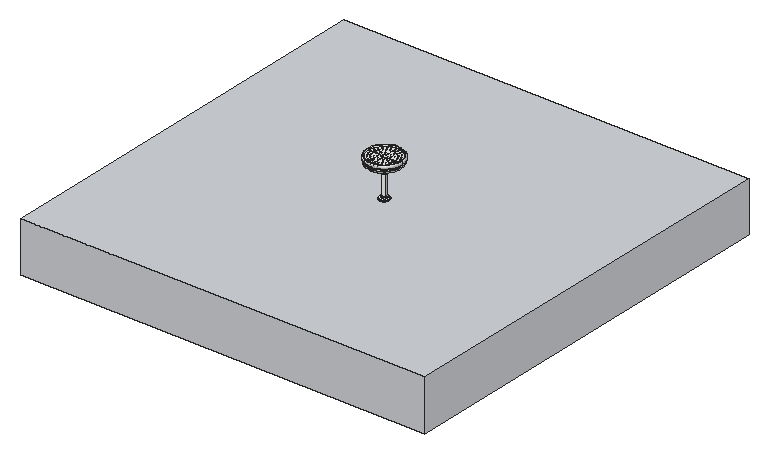
Revit family (continued)
Definition of nested family "13692-Base"
  Automatic sketch dimensions
    curve 122 to curve 119 = 0' - 0.6483"
    curve 121 to curve 122 = 0' - 0.07254"
    curve 123 to curve 124 = 0' - 0"
    plane 1 "Center (Front/Back)" to curve 123 = 0' - 0"
    plane 1 "Center (Front/Back)" to curve 124 = 0' - 0"  (x2)
    curve 123 to curve 121 = 0' - 0.65143"
    curve 123 to curve 124 = 0' - 0.07254"
    curve 125 to curve 126 = 0' - 0"
    plane 1 "Center (Front/Back)" to curve 125 = 0' - 0"  (x2)
    curve 125 to curve 123 = 0' - 0.64959"
    plane 1 "Center (Front/Back)" to curve 126 = 0' - 0"
    curve 125 to curve 126 = 0' - 0.07254"
    curve 127 to curve 121 = 0' - 0.08862"
    curve 127 to curve 127 = 0' - 0.07254"
    curve 128 to plane 1 "Center (Front/Back)" = 0' - 0.67299"
    curve 127 to curve 130 = 0' - 0.48111"
    curve 129 to curve 130 = 0' - 0.07254"
    curve 130 to curve 127 = 0' - 0.16783"
    curve 132 to plane 3 "Center (Left/Right)" = 0' - 0.48834"
    curve 131 to curve 131 = 0' - 0.07254"
    curve 131 to plane 1 "Center (Front/Back)" = 0' - 0.32383"
    curve 132 to curve 134 = 0' - 0.41875"
    curve 133 to curve 133 = 0' - 0.07254"
    curve 134 to curve 132 = 0' - 0.32553"
    curve 134 to curve 135 = 0' - 0.41748"
    curve 135 to curve 135 = 0' - 0.07254"
    curve 136 to curve 134 = 0' - 0.3248"
    curve 136 to curve 137 = 0' - 0.41907"
    curve 137 to curve 138 = 0' - 0.07254"
    curve 138 to curve 136 = 0' - 0.32571"
    curve 138 to curve 140 = 0' - 0.41636"
    curve 139 to curve 139 = 0' - 0.07254"
    curve 140 to curve 138 = 0' - 0.32415"
    curve 142 to curve 137 = 0' - 0.41315"
    curve 141 to curve 142 = 0' - 0.07254"
    curve 142 to curve 137 = 0' - 0.53842"
    curve 141 to curve 143 = 0' - 0.31333"
    curve 143 to curve 144 = 0' - 0.07254"
    curve 144 to curve 141 = 0' - 0.45842"
    curve 146 to curve 144 = 0' - 0.67158"
    curve 145 to curve 146 = 0' - 0.07254"
    curve 146 to curve 144 = 0' - 0.51553"
    curve 147 to curve 145 = 0' - 0.32437"
    curve 147 to curve 147 = 0' - 0.07254"
    curve 145 to curve 148 = 0' - 0.56131"
    curve 149 to curve 148 = 0' - 0.32594"
    curve 149 to curve 150 = 0' - 0.07254"
    curve 148 to curve 150 = 0' - 0.56402"
    curve 7 to curve 152 = 0' - 0.50472"
    curve 151 to curve 151 = 0' - 0.07254"
    curve 7 to curve 151 = 0' - 0.17425"
    curve 3 to curve 153 = 0' - 0.5281"
    curve 153 to curve 154 = 0' - 0.07254"
    curve 3 to curve 154 = 0' - 0.08867"
    curve 153 to curve 156 = 0' - 0.02278"
    curve 155 to curve 155 = 0' - 0.07254"
    curve 156 to curve 153 = 0' - 0.62619"
    plane 1 "Center (Front/Back)" to curve 158 = 0' - 0"
    curve 157 to plane 3 "Center (Left/Right)" = 0' - 0"
    curve 157 to plane 8 "Right" = 0' - 0.36817"
    curve 157 to curve 159 = 0' - 0"  (x2)
    curve 160 to curve 157 = 0' - 0.03415"
    curve 157 to curve 161 = 0' - 0"  (x2)
    curve 162 to curve 159 = 0' - 0.14419"
    Masking region 3 sketch curve to plane 5 "Bottom" = 0' - 0"
    Masking region 3 sketch curve to level = 0' - 0"
    Masking region 3 sketch curve to plane 3 "Center (Left/Right)" = 0' - 0"  (x2)
    Masking region 3 sketch curve to plane 3 "Center (Left/Right)" = 0' - 0.08489"
    Masking region 3 sketch curve to plane 3 "Center (Left/Right)" = 0' - 0.25382"
    Masking region 3 sketch curve to plane 3 "Center (Left/Right)" = 0' - 0.33168"
    Masking region 3 sketch curve to Masking region 3 sketch curve = 0' - 0.01568"  (x2)
    Masking region 3 sketch curve to Masking region 3 sketch curve = 0' - 0.0483"  (x2)
    Masking region 3 sketch curve to plane 3 "Center (Left/Right)" = 0' - 0 13/32"
    Masking region 3 sketch curve to Masking region 3 sketch curve = 0' - 0.10252"  (x2)
    Masking region 3 sketch curve to Masking region 3 sketch curve = 0' - 0.20075"
    Masking region 3 sketch curve to Masking region 3 sketch curve = 0' - 0.06779"  (x2)
    Masking region 3 sketch curve to Masking region 3 sketch curve = 0' - 0.07587"  (x2)
    Masking region 3 sketch curve to Masking region 3 sketch curve = 0' - 0.01988"  (x2)
    Masking region 3 sketch curve to Masking region 3 sketch curve = 0' - 0.01241"  (x2)
    Masking region 3 sketch curve to Masking region 3 sketch curve = 0' - 0.14388"  (x2)
    Masking region 3 sketch curve to Masking region 3 sketch curve = 0' - 0.0045"  (x2)
    Masking region 3 sketch curve to Masking region 3 sketch curve = 0' - 0.06019"  (x2)
    Masking region 3 sketch curve to Masking region 3 sketch curve = 0' - 0.06063"  (x2)
    Masking region 3 sketch curve to Masking region 3 sketch curve = 0' - 0 3/128"
    Masking region 3 sketch curve to Masking region 3 sketch curve = 0' - 0.42276"  (x2)
    Masking region 3 sketch curve to Masking region 3 sketch curve = 0' - 0.05404"  (x2)
    Masking region 3 sketch curve to Masking region 3 sketch curve = 0' - 0.41022"  (x2)
    Masking region 3 sketch curve to Masking region 3 sketch curve = 0' - 0.00363"
    Masking region 3 sketch curve to Masking region 3 sketch curve = 0' - 0.00741"  (x2)
    Masking region 3 sketch curve to Masking region 3 sketch curve = 0' - 0.0342"  (x2)
    Masking region 3 sketch curve to Masking region 3 sketch curve = 0' - 0.25618"  (x2)
    plane 7 "Left" to Masking region 3 sketch curve = 0' - 0.61587"
    plane 7 "Left" to Masking region 3 sketch curve = 0' - 0.38809"
    plane 7 "Left" to Masking region 3 sketch curve = 0' - 0.30255"
    plane 7 "Left" to Masking region 3 sketch curve = 0' - 0.18983"
    plane 7 "Left" to Masking region 3 sketch curve = 0' - 0.17625"
    Masking region 3 sketch curve to Masking region 3 sketch curve = 0' - 0.00904"  (x2)
    Masking region 3 sketch curve to Masking region 3 sketch curve = 0' - 0.03331"  (x2)
    plane 7 "Left" to Masking region 3 sketch curve = 0' - 0.11016"
    plane 7 "Left" to Masking region 3 sketch curve = 0' - 0.10808"
    Masking region 3 sketch curve to Masking region 3 sketch curve = 0' - 0.03836"  (x2)
    Masking region 3 sketch curve to Masking region 3 sketch curve = 0' - 0.02062"  (x2)
    plane 3 "Center (Left/Right)" to Masking region 3 sketch curve = 0' - 0.08489"
    plane 3 "Center (Left/Right)" to Masking region 3 sketch curve = 0' - 0.25382"
    plane 3 "Center (Left/Right)" to Masking region 3 sketch curve = 0' - 0.33168"
    plane 3 "Center (Left/Right)" to Masking region 3 sketch curve = 0' - 0 13/32"
    Masking region 3 sketch curve to Masking region 3 sketch curve = 0' - 0.1072"
    level to Masking region 3 sketch curve = 0' - 0.28819"  (x2)
    Masking region 3 sketch curve to Masking region 3 sketch curve = 0' - 0.08405"
    level to Masking region 3 sketch curve = 0' - 0.03783"
    level to Masking region 3 sketch curve = 0' - 0.16628"
    Masking region 3 sketch curve to plane 8 "Right" = 0' - 0.61587"
    Masking region 3 sketch curve to plane 8 "Right" = 0' - 0.38809"
    Masking region 3 sketch curve to plane 8 "Right" = 0' - 0.30255"
    Masking region 3 sketch curve to plane 8 "Right" = 0' - 0.18983"
    Masking region 3 sketch curve to plane 8 "Right" = 0' - 0.17625"
    Masking region 3 sketch curve to plane 8 "Right" = 0' - 0.11016"
    Masking region 3 sketch curve to plane 8 "Right" = 0' - 0.10808"
    Masking region 3 sketch curve to Masking region 3 sketch curve = 0' - 0.09505"
    Masking region 3 sketch curve to Masking region 3 sketch curve = 0' - 0.08094"  (x2)
    Masking region 3 sketch curve to Masking region 3 sketch curve = 0' - 0.25348"  (x2)
    Masking region 3 sketch curve to plane 5 "Bottom" = 0' - 3.70036"
    Masking region 3 sketch curve to Masking region 3 sketch curve = 0' - 0"  (x2)
    Masking region 3 sketch curve to Masking region 3 sketch curve = 0' - 0.02923"  (x2)
    Masking region 3 sketch curve to Masking region 3 sketch curve = 0' - 0.09733"  (x2)
    Masking region 3 sketch curve to Masking region 3 sketch curve = 0' - 0.02455"  (x2)
    Masking region 3 sketch curve to Masking region 3 sketch curve = 0' - 0.58641"
    Masking region 3 sketch curve to Masking region 3 sketch curve = 0' - 0.01501"  (x2)
    Masking region 3 sketch curve to Masking region 3 sketch curve = 0' - 0.12564"  (x2)
    Masking region 3 sketch curve to Masking region 3 sketch curve = 0' - 0.06149"  (x2)
    Masking region 3 sketch curve to Masking region 3 sketch curve = 0' - 0.11699"
    Masking region 3 sketch curve to Masking region 3 sketch curve = 0' - 0.1671"
    Masking region 3 sketch curve to Masking region 3 sketch curve = 0' - 0.13"  (x2)
    Masking region 3 sketch curve to Masking region 3 sketch curve = 0' - 0.15118"  (x2)
    Masking region 3 sketch curve to plane 5 "Bottom" = 0' - 1.53182"  (x2)
    Masking region 3 sketch curve to Masking region 3 sketch curve = 0' - 0.33817"  (x2)
    Masking region 3 sketch curve to Masking region 3 sketch curve = 0' - 0.1311"  (x2)
    Masking region 3 sketch curve to Masking region 3 sketch curve = 0' - 0.01628"  (x2)
    Masking region 3 sketch curve to Masking region 3 sketch curve = 0' - 0.18532"  (x2)
    Masking region 3 sketch curve to Masking region 3 sketch curve = 0' - 0.02428"  (x2)
    Masking region 3 sketch curve to Masking region 3 sketch curve = 0' - 0.31939"  (x2)
    level to curve 163 = 0' - 0.03783"  (x2)
    curve 163 to plane 3 "Center (Left/Right)" = 0' - 1.11901"
    curve 163 to curve 164 = 0' - 0.02679"
    curve 164 to curve 165 = 0' - 0.48189"
    curve 168 to plane 3 "Center (Left/Right)" = 0' - 0.49452"
    curve 168 to curve 167 = 0' - 0.08828"
    curve 165 to curve 166 = 0' - 0.20408"
    plane 3 "Center (Left/Right)" to curve 166 = 0' - 0 13/32"
    plane 3 "Center (Left/Right)" to curve 167 = 0' - 0 13/32"
    curve 167 to curve 168 = 0' - 0.08828"
    curve 166 to curve 165 = 0' - 0.20408"
    level to curve 164 = 0' - 0.16628"
    curve 165 to curve 164 = 0' - 0.48189"
    curve 164 to curve 163 = 0' - 0.02679"
    level to curve 165 = 0' - 0.37506"
    curve 165 to curve 166 = 0' - 0.31351"
    curve 167 to plane 5 "Bottom" = 0' - 3.70036"
    curve 167 to curve 168 = 0' - 0.02923"
    Masking region 4 sketch curve to plane 5 "Bottom" = 0' - 0"
    Masking region 4 sketch curve to level = 0' - 0"
    Masking region 4 sketch curve to plane 1 "Center (Front/Back)" = 0' - 0"  (x2)
    plane 1 "Center (Front/Back)" to Masking region 4 sketch curve = 0' - 0.11659"
    plane 1 "Center (Front/Back)" to Masking region 4 sketch curve = 0' - 0.24171"
    plane 1 "Center (Front/Back)" to Masking region 4 sketch curve = 0' - 0.33415"
    Masking region 4 sketch curve to Masking region 4 sketch curve = 0' - 0"  (x6)
    Masking region 4 sketch curve to Masking region 4 sketch curve = 0' - 0.01369"  (x2)
    Masking region 4 sketch curve to Masking region 4 sketch curve = 0' - 0.02728"
    plane 1 "Center (Front/Back)" to Masking region 4 sketch curve = 0' - 0.40615"
    Masking region 4 sketch curve to Masking region 4 sketch curve = 0' - 0.09433"  (x2)
    Masking region 4 sketch curve to Masking region 4 sketch curve = 0' - 0.21128"
    Masking region 4 sketch curve to Masking region 4 sketch curve = 0' - 0.06789"  (x2)
    Masking region 4 sketch curve to Masking region 4 sketch curve = 0' - 0.07597"  (x2)
    Masking region 4 sketch curve to Masking region 4 sketch curve = 0' - 0.01241"
    Masking region 4 sketch curve to Masking region 4 sketch curve = 0' - 0.1469"  (x2)
    Masking region 4 sketch curve to Masking region 4 sketch curve = 0' - 0.05728"  (x2)
    level to Masking region 4 sketch curve = 0' - 0.28817"  (x2)
    Masking region 4 sketch curve to Masking region 4 sketch curve = 0' - 0.06031"  (x2)
    Masking region 4 sketch curve to Masking region 4 sketch curve = 0' - 0.02328"
    Masking region 4 sketch curve to Masking region 4 sketch curve = 0' - 0.42852"  (x2)
    Masking region 4 sketch curve to Masking region 4 sketch curve = 0' - 0.054"  (x2)
    level to Masking region 4 sketch curve = 0' - 0.03747"
    Masking region 4 sketch curve to Masking region 4 sketch curve = 0' - 0.41067"  (x2)
    Masking region 4 sketch curve to Masking region 4 sketch curve = 0' - 0.03475"  (x2)
    level to Masking region 4 sketch curve = 0' - 0.16623"
    Masking region 4 sketch curve to Masking region 4 sketch curve = 0' - 0.00841"  (x2)
    Masking region 4 sketch curve to Masking region 4 sketch curve = 0' - 0.25612"  (x2)
    plane 6 "Front" to Masking region 4 sketch curve = 0' - 0.61066"
    plane 6 "Front" to Masking region 4 sketch curve = 0' - 0.38806"
    plane 6 "Front" to Masking region 4 sketch curve = 0' - 0.30266"
    plane 6 "Front" to Masking region 4 sketch curve = 0' - 0.19202"
    plane 6 "Front" to Masking region 4 sketch curve = 0' - 0.17641"
    Masking region 4 sketch curve to Masking region 4 sketch curve = 0' - 0.00913"  (x2)
    Masking region 4 sketch curve to Masking region 4 sketch curve = 0' - 0.03323"  (x2)
    plane 6 "Front" to Masking region 4 sketch curve = 0' - 0.11009"
    plane 6 "Front" to Masking region 4 sketch curve = 0' - 0.10818"
    Masking region 4 sketch curve to Masking region 4 sketch curve = 0' - 0.03845"  (x2)
    Masking region 4 sketch curve to Masking region 4 sketch curve = 0' - 0.02073"  (x2)
    Masking region 4 sketch curve to plane 1 "Center (Front/Back)" = 0' - 0.11659"
    Masking region 4 sketch curve to plane 1 "Center (Front/Back)" = 0' - 0.24171"
    Masking region 4 sketch curve to plane 1 "Center (Front/Back)" = 0' - 0.33415"
    Masking region 4 sketch curve to Masking region 4 sketch curve = 0' - 0.04097"
    Masking region 4 sketch curve to plane 1 "Center (Front/Back)" = 0' - 0.40615"
    Masking region 4 sketch curve to Masking region 4 sketch curve = 0' - 0.10515"
    Masking region 4 sketch curve to Masking region 4 sketch curve = 0' - 0.02049"
    Masking region 4 sketch curve to Masking region 4 sketch curve = 0' - 0.08359"
    Masking region 4 sketch curve to Masking region 4 sketch curve = 0' - 0.00272"
    Masking region 4 sketch curve to plane 4 "Back" = 0' - 0.61066"
    Masking region 4 sketch curve to plane 4 "Back" = 0' - 0.38806"
    Masking region 4 sketch curve to plane 4 "Back" = 0' - 0.30266"
    Masking region 4 sketch curve to plane 4 "Back" = 0' - 0.19202"
    Masking region 4 sketch curve to plane 4 "Back" = 0' - 0.17641"
    Masking region 4 sketch curve to plane 4 "Back" = 0' - 0.11009"
    Masking region 4 sketch curve to plane 4 "Back" = 0' - 0.10818"
    Masking region 4 sketch curve to Masking region 4 sketch curve = 0' - 0.09505"
    Masking region 4 sketch curve to Masking region 4 sketch curve = 0' - 0.08054"  (x2)
    Masking region 4 sketch curve to Masking region 4 sketch curve = 0' - 0.25623"  (x2)
    Masking region 4 sketch curve to plane 5 "Bottom" = 0' - 3.70036"
    Masking region 4 sketch curve to Masking region 4 sketch curve = 0' - 0.02923"  (x2)
    Masking region 4 sketch curve to Masking region 4 sketch curve = 0' - 0.09733"  (x2)
    Masking region 4 sketch curve to Masking region 4 sketch curve = 0' - 0.02455"  (x2)
    Masking region 4 sketch curve to Masking region 4 sketch curve = 0' - 0.58124"
    Masking region 4 sketch curve to Masking region 4 sketch curve = 0' - 0.02139"  (x2)
    Masking region 4 sketch curve to Masking region 4 sketch curve = 0' - 0.12363"  (x2)
    Masking region 4 sketch curve to Masking region 4 sketch curve = 0' - 0.13"  (x2)
    Masking region 4 sketch curve to Masking region 4 sketch curve = 0' - 0.15114"  (x2)
    Masking region 4 sketch curve to plane 5 "Bottom" = 0' - 1.53186"  (x2)
    Masking region 4 sketch curve to Masking region 4 sketch curve = 0' - 0.33871"  (x2)
    Masking region 4 sketch curve to Masking region 4 sketch curve = 0' - 0.1306"  (x2)
    Masking region 4 sketch curve to Masking region 4 sketch curve = 0' - 0.01632"  (x2)
    Masking region 4 sketch curve to Masking region 4 sketch curve = 0' - 0.18528"  (x2)
    Masking region 4 sketch curve to Masking region 4 sketch curve = 0' - 0.02421"  (x2)
    Masking region 4 sketch curve to Masking region 4 sketch curve = 0' - 0.31949"  (x2)
    plane 6 "Front" to curve 204 = 0' - 0.08746"
    plane 6 "Front" to curve 203 = 0' - 0.09559"
    curve 204 to curve 205 = 0' - 0.02073"
    plane 6 "Front" to curve 206 = 0' - 0.11009"
    curve 203 to curve 200 = 0' - 0.07169"
    curve 200 to curve 201 = 0' - 0.00913"
    plane 6 "Front" to curve 202 = 0' - 0.38806"
    plane 1 "Center (Front/Back)" to curve 199 = 0' - 1.16712"
    level to curve 186 = 0' - 0.13251"
    plane 1 "Center (Front/Back)" to curve 186 = 0' - 1.11878"
    level to curve 185 = 0' - 0.03747"
    curve 185 to curve 186 = 0' - 0"
    curve 186 to curve 187 = 0' - 0.02634"
    curve 199 to curve 198 = 0' - 0.31013"
    curve 187 to curve 188 = 0' - 0.48211"
    plane 1 "Center (Front/Back)" to curve 192 = 0' - 0.49452"
    curve 191 to curve 192 = 0' - 0"
    curve 192 to curve 193 = 0' - 0.02049"
    plane 1 "Center (Front/Back)" to curve 194 = 0' - 0.45299"
    curve 194 to curve 197 = 0' - 0.02452"
    curve 188 to curve 189 = 0' - 0.20418"
    curve 191 to curve 190 = 0' - 0.08837"
    curve 194 to curve 195 = 0' - 0.10515"
    curve 195 to curve 196 = 0' - 0.01369"
    curve 196 to plane 1 "Center (Front/Back)" = 0' - 0.33415"
    curve 196 to curve 195 = 0' - 0.01369"
    curve 190 to plane 1 "Center (Front/Back)" = 0' - 0.40615"
    curve 189 to plane 1 "Center (Front/Back)" = 0' - 0.40615"
    curve 196 to curve 197 = 0' - 0.09433"
    curve 195 to curve 194 = 0' - 0.10515"
    curve 190 to curve 193 = 0' - 0.06789"
    curve 190 to curve 191 = 0' - 0.08837"
    curve 193 to curve 192 = 0' - 0.02049"
    curve 189 to curve 188 = 0' - 0.20418"
    curve 197 to curve 198 = 0' - 0.42852"
    level to curve 187 = 0' - 0.16623"
    curve 188 to curve 187 = 0' - 0.48211"
    curve 187 to curve 185 = 0' - 0.02634"
    curve 187 to curve 186 = 0' - 0.02634"
    curve 198 to curve 199 = 0' - 0.31013"
    curve 202 to plane 4 "Back" = 0' - 0.38806"
    curve 201 to plane 4 "Back" = 0' - 0.17641"
    curve 201 to curve 200 = 0' - 0.00913"
    curve 205 to plane 4 "Back" = 0' - 0.11469"
    curve 206 to plane 4 "Back" = 0' - 0.11009"
    curve 200 to curve 203 = 0' - 0.07169"
    curve 205 to curve 204 = 0' - 0.02723"
    level to curve 188 = 0' - 0.37506"
    curve 188 to curve 189 = 0' - 0.31351"
    curve 190 to plane 5 "Bottom" = 0' - 3.70036"
    curve 190 to curve 191 = 0' - 0.02923"
    curve 191 to curve 192 = 0' - 0.09733"
    curve 192 to curve 193 = 0' - 0.02455"
    curve 193 to curve 194 = 0' - 0.72626"
    curve 194 to curve 195 = 0' - 0.08823"
    curve 195 to curve 196 = 0' - 0.11152"
    curve 196 to curve 197 = 0' - 0.11557"
    curve 197 to curve 198 = 0' - 0.13"
    curve 198 to curve 199 = 0' - 0.15114"
    curve 202 to plane 5 "Bottom" = 0' - 1.53186"
    curve 202 to curve 201 = 0' - 0.33871"
    curve 201 to curve 200 = 0' - 0.1306"
    curve 200 to curve 203 = 0' - 0.01632"
    curve 203 to curve 204 = 0' - 0.18528"
    curve 204 to curve 205 = 0' - 0.02421"
    curve 205 to curve 206 = 0' - 0.31949"
    plane 1 "Center (Front/Back)" to Extrusion 3 sketch curve = 0' - 0"
    Extrusion 3 sketch curve to plane 3 "Center (Left/Right)" = 0' - 0"
    Masking region 5 sketch curve to level = 0' - 0"
    Masking region 5 sketch curve to plane 7 "Left" = 0' - 0"
    Masking region 5 sketch curve to plane 8 "Right" = 0' - 0"
    Masking region 5 sketch curve to plane 5 "Bottom" = 0' - 0"
    Masking region 6 sketch curve to plane 5 "Bottom" = 0' - 0"
    Masking region 6 sketch curve to plane 6 "Front" = 0' - 0"
    Masking region 6 sketch curve to level = 0' - 0"
    Masking region 6 sketch curve to plane 4 "Back" = 0' - 0"
    Revolve 1 sketch curve to plane 5 "Bottom" = 0' - 0"
    Revolve 1 sketch curve to level = 0' - 0"
    Revolve 1 sketch curve to plane 3 "Center (Left/Right)" = 0' - 0"
    Revolve 1 sketch curve to plane 3 "Center (Left/Right)" = 0' - 0.07214"
    Revolve 1 sketch curve to plane 3 "Center (Left/Right)" = 0' - 0.26335"
    Revolve 1 sketch curve to plane 3 "Center (Left/Right)" = 0' - 0.33168"
    Revolve 1 sketch curve to Revolve 1 sketch curve = 0' - 0.01568"
    Revolve 1 sketch curve to Revolve 1 sketch curve = 0' - 0.03259"
    Revolve 1 sketch curve to plane 3 "Center (Left/Right)" = 0' - 0 13/32"
    Revolve 1 sketch curve to Revolve 1 sketch curve = 0' - 0.10252"
    Revolve 1 sketch curve to Revolve 1 sketch curve = 0' - 0.19122"
    Revolve 1 sketch curve to Revolve 1 sketch curve = 0' - 0.06779"
    Revolve 1 sketch curve to Revolve 1 sketch curve = 0' - 0.07587"
    Revolve 1 sketch curve to Revolve 1 sketch curve = 0' - 0.01988"
    Revolve 1 sketch curve to Revolve 1 sketch curve = 0' - 0.01241"
    Revolve 1 sketch curve to Revolve 1 sketch curve = 0' - 0.14439"
    Revolve 1 sketch curve to Revolve 1 sketch curve = 0' - 0.00399"
    Revolve 1 sketch curve to Revolve 1 sketch curve = 0' - 0.05969"
    Revolve 1 sketch curve to Revolve 1 sketch curve = 0' - 0.06054"
    Revolve 1 sketch curve to Revolve 1 sketch curve = 0' - 0.08392"
    Revolve 1 sketch curve to Revolve 1 sketch curve = 0' - 0.42276"
    Revolve 1 sketch curve to Revolve 1 sketch curve = 0' - 0.05404"
    Revolve 1 sketch curve to Revolve 1 sketch curve = 0' - 0.40377"
    Revolve 1 sketch curve to Revolve 1 sketch curve = 0' - 0.0007"
    Revolve 1 sketch curve to Revolve 1 sketch curve = 0' - 0.00654"
    level to Revolve 1 sketch curve = 0' - 0.16628"
    Revolve 1 sketch curve to Revolve 1 sketch curve = 0' - 0.01689"
    Revolve 1 sketch curve to Revolve 1 sketch curve = 0' - 0.02679"
    level to Revolve 1 sketch curve = 0' - 0.03783"
    Revolve 1 sketch curve to Revolve 1 sketch curve = 0' - 0.25618"
    plane 7 "Left" to Revolve 1 sketch curve = 0' - 0.61208"
    plane 7 "Left" to Revolve 1 sketch curve = 0' - 0.38809"
    plane 7 "Left" to Revolve 1 sketch curve = 0' - 0.36817"
    Revolve 1 sketch curve to plane 5 "Bottom" = 0' - 0.0404"
    Revolve 1 sketch curve to Revolve 1 sketch curve = 0' - 0.03415"
    Revolve 1 sketch curve to Revolve 1 sketch curve = 0' - 0.06317"
    Revolve 1 sketch curve to Revolve 1 sketch curve = 0' - 0.06593"
    Revolve 1 sketch curve to Revolve 1 sketch curve = 0' - 0.07826"
    plane 7 "Left" to Revolve 1 sketch curve = 0' - 0.17625"
    Revolve 1 sketch curve to Revolve 1 sketch curve = 0' - 0.00904"
    Revolve 1 sketch curve to Revolve 1 sketch curve = 0' - 0.03331"
    plane 7 "Left" to Revolve 1 sketch curve = 0' - 0.11016"
    plane 7 "Left" to Revolve 1 sketch curve = 0' - 0.10808"
    Revolve 1 sketch curve to Revolve 1 sketch curve = 0' - 0.03836"
    Revolve 1 sketch curve to Revolve 1 sketch curve = 0' - 0.02062"
    Revolve 1 sketch curve to Revolve 1 sketch curve = 0' - 0.04077"
    level to Revolve 1 sketch curve = 0' - 0.28818"
    Revolve 1 sketch curve to Revolve 1 sketch curve = 0' - 0.08082"
    Revolve 1 sketch curve to Revolve 1 sketch curve = 0' - 0.25396"
    Revolve 1 sketch curve to plane 5 "Bottom" = 0' - 3.70036"
    Revolve 1 sketch curve to Revolve 1 sketch curve = 0' - 0.02923"
    Revolve 1 sketch curve to Revolve 1 sketch curve = 0' - 0.09733"
    Revolve 1 sketch curve to Revolve 1 sketch curve = 0' - 0.02455"
    Revolve 1 sketch curve to Revolve 1 sketch curve = 0' - 0.59831"
    Revolve 1 sketch curve to Revolve 1 sketch curve = 0' - 0.00312"
    Revolve 1 sketch curve to Revolve 1 sketch curve = 0' - 0.12564"
    Revolve 1 sketch curve to Revolve 1 sketch curve = 0' - 0.06148"
    Revolve 1 sketch curve to Revolve 1 sketch curve = 0' - 0.16711"
    Revolve 1 sketch curve to Revolve 1 sketch curve = 0' - 0.13"
    Revolve 1 sketch curve to Revolve 1 sketch curve = 0' - 0.15118"
    Revolve 1 sketch curve to Revolve 1 sketch curve = 0' - 1.45783"
    Revolve 1 sketch curve to Revolve 1 sketch curve = 0' - 0.33817"
    Revolve 1 sketch curve to Revolve 1 sketch curve = 0' - 0.1311"
    Revolve 1 sketch curve to Revolve 1 sketch curve = 0' - 0.01628"
    Revolve 1 sketch curve to Revolve 1 sketch curve = 0' - 0.18532"
    Revolve 1 sketch curve to Revolve 1 sketch curve = 0' - 0.02428"
    Revolve 1 sketch curve to Revolve 1 sketch curve = 0' - 0.31939"
    Revolve 1 sketch curve to Revolve 1 sketch curve = 0' - 0.04953"
    Extrusion 4 sketch curve to plane 6 "Front" = 0' - 0"
    Extrusion 4 sketch curve to plane 7 "Left" = 0' - 0"
    Extrusion 4 sketch curve to plane 8 "Right" = 0' - 0"
    Extrusion 4 sketch curve to plane 4 "Back" = 0' - 0"
    radius of Extrusion 2 sketch curve = 0' - 0.07254"  (x78)
    radius of Masking region 2 sketch curve = 0' - 4 7/32"
    radius of Extrusion 3 sketch curve = 0' - 0 1/2"
Types (8): name | Finish
  (no name) | Metal-Kohler-CP-Polished Chrome
  Metal-CP-Polished_Chrome | Metal-Kohler-CP-Polished Chrome
  Metal-2BZ-Oil_Rubbed_Bronze | Metal-Kohler-2BZ-Oil Rubbed Bronze
  Metal-AF-Vibrant_French_Gold | Metal-Kohler-AF-Vibrant French Gold
  Metal-BN-Vibrant_Brushed_Nickel | Metal-Kohler-BN-Vibrant Brushed Nickel
  Metal-BRZ-Oil_Rubbed_Bronze | Metal-Kohler-BRZ-Oil Rubbed Bronze
  Metal-BV-Vibrant_Brushed_Bronze | Metal-Kohler-BV-Vibrant Brushed Bronze
  Metal-SN-Vibrant_Polished_Nickel | Metal-Kohler-SN-Vibrant Polished Nickel
